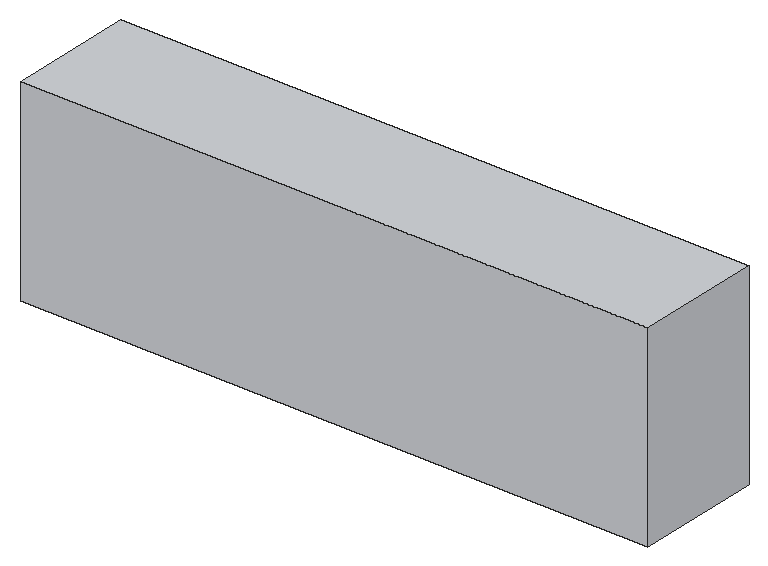
Revit family "Routing Envelope", category Generic Models, Revit 2022
Family settings
  Can host rebar = No
  Round Connector Dimension = Use Diameter
  Part Type = Normal
  Work Plane-Based = No
  Always vertical = Yes
  Cut with Voids When Loaded = No
  Maintain Annotation Orientation = No
  Shared = No
  Room Calculation Point = No
Parameters (values of type "Generic")
  高さ [instance] = 1250 mm
  幅 [instance] = 4000 mm
  奥行き [instance] = 800 mm
  Default Elevation = 2800 mm
  material = Rack
  Arent-Width [instance] = 幅  # 4000 mm
  Arent-Offset [instance] = 2800 mm
  Arent-Length [instance] = 奥行き  # 800 mm
  Arent-Height [instance] = 高さ  # 1250 mm
Reference planes
  plane 1 "Center (Front/Back)": y = 0
  plane 2: z = 0
  plane 3 "Center (Left/Right)": x = 0
  plane 4: y = 400
  plane 5: y = -400
  plane 6: x = -2000
  plane 7: x = 2000
  plane 8: z = 4050
  plane 9: z = 2800
Forms (mm)
  Extrusion 1, solid
    sketch origin (0, 0, 0) x (1, 0, 0) y (0, 1, 0)
      loop
        line (-2000, 400) -> (-2000, -400) -> (2000, -400) -> (2000, 400) -> (-2000, 400)
    from 2800 to 4050
Lines and regions (mm)
  symbolic lines, style "Arrent-Clearance"
    curve 1: line (-2000, 400, 0) -> (2000, 400, 0)
    curve 2: line (-2000, -400, 0) -> (-2000, 400, 0)
    curve 3: line (2000, -400, 0) -> (-2000, -400, 0)
    curve 4: line (2000, 400, 0) -> (2000, -400, 0)
Dimensions and locks
  equal spacing: plane 4, plane 1 "Center (Front/Back)", plane 5
  equal spacing: plane 6, plane 3 "Center (Left/Right)", plane 7
  "幅": plane 6 to plane 7
  "奥行き": plane 4 to plane 5
  "Arent-Offset": plane 9 to level
  "高さ": plane 8 to plane 9
  aligned and locked: level to plane 2
  aligned and locked: plane 4 to Extrusion 1
  aligned and locked: Extrusion 1 to plane 6
  aligned and locked: plane 5 to Extrusion 1
  aligned and locked: plane 7 to Extrusion 1
  aligned and locked: plane 8 to Extrusion 1
  aligned and locked: Extrusion 1 to plane 9
  aligned and locked: curve 1 to plane 4
  aligned and locked: plane 6 to curve 2
  aligned and locked: plane 5 to curve 3
  aligned and locked: curve 4 to plane 7
Automatic sketch dimensions
  Extrusion 1 sketch curve to plane 5 = 0 mm
  Extrusion 1 sketch curve to plane 6 = 0 mm
  Extrusion 1 sketch curve to plane 7 = 0 mm
  Extrusion 1 sketch curve to plane 4 = 0 mm
